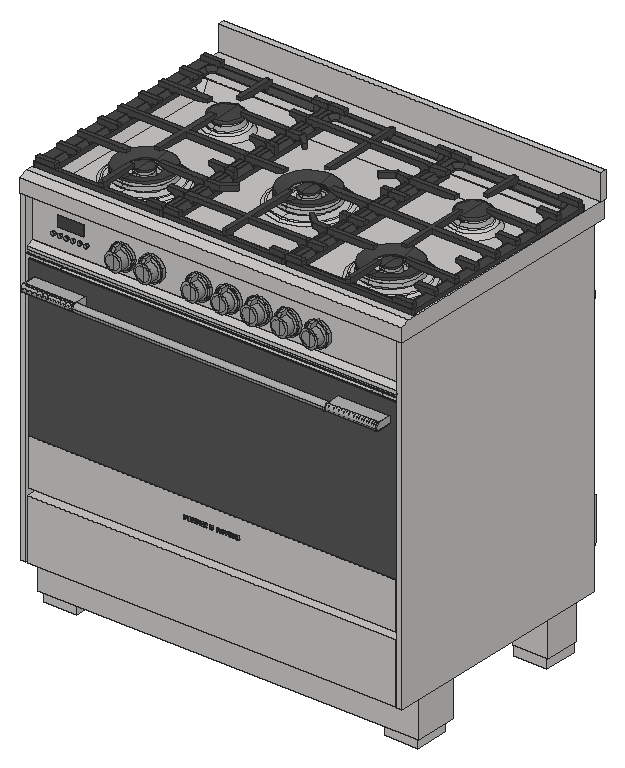
Revit family "FP_Revit_18_OR90SCG1LX1_Range_90001024A", category Specialty Equipment, Revit 2018
Family settings
  Round Connector Dimension = Use Diameter
  Part Type = Normal
  OmniClass Number = 23.40.40.14.17.17
  OmniClass Title = Ranges
  Work Plane-Based = No
  Always vertical = Yes
  Cut with Voids When Loaded = Yes
  Shared = No
  Room Calculation Point = No
Parameters
  Visibility - Toe Kick Panel (Optional) = yes
  Visibility - Rear Trim (Supplied) = yes
  Visibility - Clearance Required = yes
  Visibility - Adjustable Feet Covers = yes
  URL = "www.fisherpaykel.com"
  Product - Width = 897 mm  # constant formula
  Product - Height = 915 mm  # constant formula
  Product - Depth = 641.2 mm  # constant formula
  Optional - Toe Kick Panel = "KICKOR90X1"
  Model = "OR90SCG1LX1"
  Material - Trim = Fisher & Paykel - Steel, Chrome Plated
  Material - Handle = Fisher & Paykel - Aluminium
  Material - Door Front = Fisher & Paykel - Stainless Steel
  Material - Buttons and Dials = Fisher & Paykel - Steel, Chrome Plated
  Material - Burners & Trivets = Fisher & Paykel - Black, Matte
  Material - Body = Fisher & Paykel - Stainless Steel
  Manufacturer = "Fisher & Paykel Appliances"
  Keynote = ""
  Description = "90cm Classic Freestanding Cooker (Stainless)"
  Countertop Height (min 908mm - max 933mm) = 915 mm
  Connector Description - Gas = "NG 1kPa, ULPG 2.75 kPa, Gas Connection to be Rp ½” (ISO 7-1) male"
  Connector Description - Electrical = "220-240 V, 50 Hz, 14 A"
  Clearance - Side Non-Combustible = 0 mm  # constant formula
  Clearance - Side Combustible = 200 mm  # constant formula
  Clearance - Rear Non-Combustible = 0 mm  # constant formula
  Clearance - Rear Combustible = 0 mm  # constant formula
  Clearance - Overhead Rangehood = 650 mm  # constant formula
  Clearance - Overhead Non-Combustible = 450 mm  # constant formula
  Clearance - Overhead Combustible = 650 mm  # constant formula
  Chassis - Width = 897 mm  # constant formula
  Chassis - Height = 813.6 mm  # constant formula
  Chassis - Depth = 593.5 mm  # constant formula
  Cavity - Width = 900 mm  # constant formula
  Cavity - Height = 915 mm  # constant formula
  Cavity - Depth = 600 mm  # constant formula
Reference planes
  plane 1 "Datum": y = 0
  plane 2: z = 0
  plane 3 "Center (Left/Right)": x = 0
  plane 4 "Product Height": z = 923
  plane 5 "Product LHS": x = -448.5
  plane 6 "Product RHS": x = 448.5
  plane 7 "Cavity LHS": x = -450
  plane 8 "Cavity RHS": x = 450
  plane 9 "Product Depth": y = 600
  plane 10 "Cavity Depth": y = 600
  plane 11 "Dials": z = 820.4
  plane 12 "Countertop Height": z = 915
  plane 13 "Top of Burners": z = 957
Forms (mm)
  Extrusion 1, solid, material "Fisher & Paykel - Stainless Steel" <- "Material - Body"
    sketch origin (0, 0, 0) x (0, 1, 0) y (0, 0, 1)
      loop
        line (50.7, 883) -> (50.7, 109.4) -> (565, 109.4) -> (565, 883) -> (50.7, 883)
    from -435.7 to 435.7
  Extrusion 2, solid, material "Fisher & Paykel - Stainless Steel" <- "Material - Body"
    sketch origin (0, 0, 0) x (0, 1, 0) y (0, 0, 1)
      loop
        line (19, 883) -> (19, 782.4) -> (50.7, 782.4) -> (50.7, 883) -> (19, 883)
    from -435.7 to 435.7
  Extrusion 3, solid, material "Fisher & Paykel - Stainless Steel" <- "Material - Body"
    sketch origin (0, 0, 0) x (0, 1, 0) y (0, 0, 1)
      loop
        line (31.59, 250.4) -> (1.5, 250.4) -> (1.5, 109.4) -> (31.59, 109.4) -> (31.59, 250.4)
    from -432 to 432
  Extrusion 4, solid, material "Fisher & Paykel - Clearance Required", visible <- "Visibility - Clearance Required", detail levels coarse
    sketch origin (0, 0, 0) x (0, 1, 0) y (0, 0, 1)
      loop
        line (0, 266.1) -> (0, 747.098)
        arc (0, 747.098) -> (-340.117, 606.217) -> (-480.998, 266.1) r 480.998
        line (-480.998, 266.1) -> (0, 266.1)
    from -435.7 to 435.7
  Extrusion 5, solid, material "Fisher & Paykel - Clearance Required", visible <- "Visibility - Clearance Required", detail levels coarse
    sketch origin (0, 0, 0) x (0, 1, 0) y (0, 0, 1)
      loop
        line (600, 0) -> (600, 923) -> (0, 923) -> (0, 0) -> (600, 0)
    from -450 to 450
  Extrusion 6, solid, material "Fisher & Paykel - Clearance Required (Combustible)", visible <- "Visibility - Clearance Required", detail levels coarse
    sketch origin (0, 0, 0) x (1, 0, 0) y (0, 1, 0)
      loop
        line (-450, 0) -> (-450, 600) -> (-650, 600) -> (-650, 0) -> (-450, 0)
      loop
        line (450, 0) -> (650, 0) -> (650, 600) -> (450, 600) -> (450, 0)
    from 923 to 1407
  Extrusion 7, solid, material "Fisher & Paykel - Clearance Required (Combustible)", visible <- "Visibility - Clearance Required", detail levels coarse
    sketch origin (0, 0, 0) x (1, 0, 0) y (0, 1, 0)
      loop
        line (-450, 0) -> (450, 0) -> (450, 600) -> (-450, 600) -> (-450, 0)
    from 1607 to 1407
  Extrusion 8, solid, material "Fisher & Paykel - Clearance Required (Non-Combustible)", visible <- "Visibility - Clearance Required", detail levels coarse
    sketch origin (0, 0, 0) x (1, 0, 0) y (0, 1, 0)
      loop
        line (450, 600) -> (-450, 600) -> (-450, 0) -> (450, 0) -> (450, 600)
    from 923 to 1407
  Extrusion 9, solid, material "Fisher & Paykel - Stainless Steel" <- "Material - Body"
    sketch origin (0, 0, 0) x (0, 1, 0) y (0, 0, 1)
      loop
        line (0, 883) -> (0, 109.4) -> (565, 109.4) -> (565, 883) -> (0, 883)
    from 435.7 to 447.5
  Extrusion 10, solid, material "Fisher & Paykel - Stainless Steel" <- "Material - Body"
    sketch origin (0, 0, 0) x (0, 1, 0) y (0, 0, 1)
      loop
        line (0, 883) -> (0, 109.4) -> (565, 109.4) -> (565, 883) -> (0, 883)
    from -447.504 to -435.7
  Extrusion 11, solid, material "Fisher & Paykel - Stainless Steel" <- "Material - Body"
    sketch origin (0, 0, 0) x (0, 1, 0) y (0, 0, 1)
      loop
        line (50.7, 782.4) -> (19, 782.4) -> (2, 774.4) -> (2, 767.4) -> (50.7, 767.4) -> (50.7, 782.4)
    from -435.7 to 435.7
  Extrusion 12, solid, material "Fisher & Paykel - Steel, Chrome Plated" <- "Material - Trim", detail levels fine
    sketch origin (0, 0, 0) x (0, 1, 0) y (0, 0, 1)
      loop
        line (1.349, 762.4) -> (1.349, 760.4) -> (50.7, 760.4) -> (50.7, 762.4) -> (1.349, 762.4)
    from -435.7 to 435.7
  Extrusion 13, solid, material "Fisher & Paykel - Stainless Steel" <- "Material - Body"
    sketch origin (0, 0, 0) x (0, 1, 0) y (0, 0, 1)
      loop
        line (-1.5, 914.915) -> (-1.5, 883) -> (593.5, 883) -> (593.5, 923) -> (18.511, 923) -> (-1.5, 914.915)
    from -448.5 to 448.5
  Extrusion 14, solid, material "Fisher & Paykel - Stainless Steel" <- "Material - Body", visible <- "Visibility - Adjustable Feet Covers"
    sketch origin (0, 0, 0) x (1, 0, 0) y (0, 1, 0)
      loop
        line (-360.4, 137.7) -> (-442.5, 137.7) -> (-442.5, 55.7) -> (-360.4, 55.7) -> (-360.4, 137.7)
      loop
        line (-360.4, 516.7) -> (-442.482, 516.7) -> (-442.482, 434.7) -> (-360.4, 434.7) -> (-360.4, 516.7)
      loop
        line (360.4, 137.7) -> (360.4, 55.7) -> (442.5, 55.7) -> (442.5, 137.7) -> (360.4, 137.7)
      loop
        line (360.4, 516.7) -> (360.4, 434.7) -> (442.482, 434.7) -> (442.482, 516.7) -> (360.4, 516.7)
    from 23.7 to 109.4
  Extrusion 15, solid, material "Fisher & Paykel - Stainless Steel" <- "Material - Body", visible <- "Visibility - Adjustable Feet Covers"
    sketch origin (0, 0, 0) x (1, 0, 0) y (0, 1, 0)
      loop
        line (-362.4, 514.7) -> (-440.5, 514.7) -> (-440.5, 436.7) -> (-362.4, 436.7) -> (-362.4, 514.7)
      loop
        line (-362.4, 135.7) -> (-440.5, 135.7) -> (-440.5, 57.7) -> (-362.4, 57.7) -> (-362.4, 135.7)
      loop
        line (362.4, 514.7) -> (362.4, 436.7) -> (440.5, 436.7) -> (440.5, 514.7) -> (362.4, 514.7)
      loop
        line (362.4, 135.7) -> (362.4, 57.7) -> (440.5, 57.7) -> (440.5, 135.7) -> (362.4, 135.7)
    from 0 to 23.7
  Extrusion 16, solid, material "Fisher & Paykel - Stainless Steel" <- "Material - Body", visible <- "Visibility - Toe Kick Panel (Optional)"
    sketch origin (0, 0, 0) x (1, 0, 0) y (0, 1, 0)
      loop
        line (-442.5, 151.534) -> (-447.504, 151.534) -> (-447.504, 50.7) -> (447.35, 50.7) -> (447.35, 151.534) -> (442.5, 151.534) -> (442.5, 55.7) -> (-442.5, 55.7) -> (-442.5, 151.534)
    from 23.7 to 109.4
  Extrusion 17, solid, material "Fisher & Paykel - Stainless Steel" <- "Material - Door Front"
    sketch origin (0, 0, 0) x (0, 1, 0) y (0, 0, 1)
      loop
        line (7.845, 745.371) -> (7.845, 273.1) -> (43.8, 273.1) -> (43.8, 741.592) -> (7.845, 745.371)
    from -365 to 365
  Extrusion 18, void
    sketch origin (0, 0, 0) x (1, 0, 0) y (0, 1, 0)
      loop
        arc (-402.8, 492.791) -> (-416.942, 486.933) -> (-422.8, 472.791) r 20
        line (-422.8, 472.791) -> (-422.8, 66.2)
        arc (-422.8, 66.2) -> (-415.478, 48.522) -> (-397.8, 41.2) r 25
        line (-397.8, 41.2) -> (397.8, 41.2)
        arc (397.8, 41.2) -> (415.478, 48.522) -> (422.8, 66.2) r 25
        line (422.8, 66.2) -> (422.8, 466.59)
        arc (422.8, 466.59) -> (415.126, 485.117) -> (396.6, 492.791) r 26.2
        line (396.6, 492.791) -> (-402.8, 492.791)
    from 883 to 923
  Extrusion 19, solid, material "Fisher & Paykel - Stainless Steel" <- "Material - Body", not visible
    sketch origin (0, 0, 0) x (0, 1, 0) y (0, 0, 1)
      loop
        line (584, 983) -> (584, 923) -> (598.5, 923) -> (598.5, 983) -> (584, 983)
    from -448.5 to 448.5
  Revolve 20, solid, material "Fisher & Paykel - Stainless Steel" <- "Material - Body", detail levels fine
    sketch origin (-290.104, 3.75, 0) x (0, 1, 0) y (0, 0, 1)
      loop
        line (163, 893) -> (163, 897) -> (84.905, 897)
        arc (84.905, 897) -> (83.174, 896.81) -> (81.524, 896.25) r 8
        line (81.524, 896.25) -> (74.554, 893) -> (163, 893)
      axis (163, 893) -> (163, 897)
    angle from 0 to 360
  Revolve 21, solid, material "Fisher & Paykel - Stainless Steel" <- "Material - Body", detail levels fine
    sketch origin (-290.104, -6.25, 0) x (0, 1, 0) y (0, 0, 1)
      loop
        line (414.1, 907.049) -> (372.389, 907.049)
        arc (372.389, 907.049) -> (368.674, 906.135) -> (365.808, 903.599) r 8
        line (365.808, 903.599) -> (358.481, 893) -> (414.1, 893) -> (414.1, 907.049)
      axis (414.1, 893) -> (414.1, 907.049)
    angle from 0 to 360
  Extrusion 22, void
    sketch origin (0, 0, 0) x (1, 0, 0) y (0, 0, 1)
      loop
        line (351.8, 237) -> (-428.7, 237) -> (-428.7, 109.4) -> (428.7, 109.4) -> (428.7, 883) -> (351.8, 883) -> (351.8, 237)
    from -609.888 to -519.5
  Extrusion 23, solid, material "Fisher & Paykel - Stainless Steel" <- "Material - Body", detail levels medium+fine
    sketch origin (0, 0, 0) x (1, 0, 0) y (0, 1, 0)
      loop
        circle (-370, 550.5) r 6
    from 137 to 237
  Extrusion 24, solid, material "Fisher & Paykel - Stainless Steel" <- "Material - Body"
    sketch origin (0, 0, 0) x (1, 0, 0) y (0, 0, 1)
      loop
        circle (-420.064, 912.06) r 4.009
      loop
        circle (-420.064, 912.06) r 7.491
      loop
        circle (420.064, 912.06) r 4.009
      loop
        circle (420.064, 912.06) r 7.491
    from -593.5 to -598.5
  Extrusion 25, solid, material "Fisher & Paykel - Stainless Steel" <- "Material - Body"
    sketch origin (0, 0, 0) x (1, 0, 0) y (0, 0, 1)
      loop
        line (-308.2, 367) -> (-428.7, 367) -> (-428.7, 237) -> (-308.2, 237) -> (-308.2, 367)
    from -587.5 to -565
  Extrusion 26, solid, material "Fisher & Paykel - Stainless Steel" <- "Material - Body"
    sketch origin (0, 0, 1000) x (1, 0, 0) y (0, 0, 1)
      loop
        line (227.779, -394.6) -> (-310.779, -394.6)
        arc (-310.779, -394.6) -> (-380.07, -440.899) -> (-363.812, -522.633) r 75
        line (-363.812, -522.633) -> (-237.954, -648.491)
        arc (-237.954, -648.491) -> (-220.111, -660.413) -> (-199.064, -664.6) r 55
        line (-199.064, -664.6) -> (116.064, -664.6)
        arc (116.064, -664.6) -> (137.111, -660.413) -> (154.954, -648.491) r 55
        line (154.954, -648.491) -> (280.812, -522.633)
        arc (280.812, -522.633) -> (297.07, -440.899) -> (227.779, -394.6) r 75
    from -578.5 to -565
  Revolve 27, solid, material "Fisher & Paykel - Stainless Steel" <- "Material - Body", detail levels fine
    sketch origin (290.104, 3.75, 0) x (0, 1, 0) y (0, 0, -1)
      loop
        line (163, -893) -> (74.554, -893) -> (81.524, -896.25)
        arc (81.524, -896.25) -> (83.174, -896.81) -> (84.905, -897) r 8
        line (84.905, -897) -> (163, -897) -> (163, -893)
      axis (163, -893) -> (163, -897)
    angle from 0 to 360
  Revolve 28, solid, material "Fisher & Paykel - Stainless Steel" <- "Material - Body", detail levels fine
    sketch origin (290.104, -6.25, 0) x (0, 1, 0) y (0, 0, -1)
      loop
        line (414.1, -907.049) -> (414.1, -893) -> (358.481, -893) -> (365.808, -903.599)
        arc (365.808, -903.599) -> (368.674, -906.135) -> (372.389, -907.049) r 8
        line (372.389, -907.049) -> (414.1, -907.049)
      axis (414.1, -893) -> (414.1, -907.049)
    angle from 0 to 360
  Revolve 29, solid, material "Fisher & Paykel - Stainless Steel" <- "Material - Body", detail levels fine
    sketch origin (0, 123.75, 0) x (0, 1, 0) y (0, 0, 1)
      loop
        line (163, 893) -> (163, 897) -> (84.905, 897)
        arc (84.905, 897) -> (83.174, 896.81) -> (81.524, 896.25) r 8
        line (81.524, 896.25) -> (74.554, 893) -> (163, 893)
      axis (163, 893) -> (163, 897)
    angle from 0 to 360
  Extrusion 30, solid, material "Fisher & Paykel - Stainless Steel" <- "Material - Body", detail levels medium+fine
    sketch origin (0, 0, 0) x (1, 0, 0) y (0, 0, 1)
      loop
        arc (159.044, 220.6) -> (155.509, 219.136) -> (154.044, 215.6) r 5
        line (154.044, 215.6) -> (154.044, 165.6)
        arc (154.044, 165.6) -> (155.509, 162.064) -> (159.044, 160.6) r 5
        line (159.044, 160.6) -> (208.84, 160.6)
        arc (208.84, 160.6) -> (212.375, 162.064) -> (213.84, 165.6) r 5
        line (213.84, 165.6) -> (213.84, 215.6)
        arc (213.84, 215.6) -> (212.375, 219.136) -> (208.84, 220.6) r 5
        line (208.84, 220.6) -> (159.044, 220.6)
    from -556.873 to -549.515
  Revolve 31, solid, material "Fisher & Paykel - Stainless Steel" <- "Material - Body", detail levels medium+fine
    sketch origin (0, 569.5, 0) x (1, 0, 0) y (0, 0, 1)
      loop
        line (145.68, 191.077) -> (245, 191.077) -> (245, 204.6) -> (232, 204.6) -> (232, 201.081) -> (222, 201.081) -> (222, 208.65) -> (210, 208.65) -> (210, 201.85) -> (157.68, 201.85) -> (157.68, 208.65) -> (145.68, 208.65) -> (145.68, 191.077)
      axis (145.68, 191.077) -> (245, 191.077)
    angle from 0 to 360
  Extrusion 32, solid, material "Fisher & Paykel - Stainless Steel" <- "Material - Body", detail levels medium+fine
    sketch origin (0, 0, 1000) x (1, 0, 0) y (0, 0, 1)
      loop
        circle (183.596, -809.4) r 26.954
    from -565.952 to -556.873
  Extrusion 33, solid, material "Fisher & Paykel - Stainless Steel" <- "Material - Body"
    sketch origin (0, 0, 0) x (1, 0, 0) y (0, 0, 1)
      loop
        circle (395, 716.093) r 34.119
    from -590 to -570.221
  Extrusion 34, solid, material "Fisher & Paykel - Stainless Steel" <- "Material - Body"
    sketch origin (0, 0, 0) x (1, 0, 0) y (0, 0, 1)
      loop
        circle (395, 716.093) r 10
    from -598 to -590
  Revolve 35, solid, material "Fisher & Paykel - Stainless Steel" <- "Material - Body", detail levels medium+fine
    sketch origin (0, 569.346, 0) x (1, 0, 0) y (0, 0, 1)
      loop
        line (395, 758.6) -> (395, 673.6) -> (413.153, 673.6) -> (413.153, 693.6) -> (406.654, 693.6) -> (406.654, 738.6) -> (413.153, 738.6) -> (413.153, 758.6) -> (395, 758.6)
      axis (395, 758.6) -> (395, 673.6)
    angle from 0 to 360
  Sweep 36, solid, material "Fisher & Paykel - Stainless Steel" <- "Material - Body"
    path origin (395, 0, 0) x (0, 1, 0) y (0, 0, 1)
      loop
        line (569.499, 218.575) -> (569.499, 839.583)
        arc (569.499, 839.583) -> (562.465, 856.566) -> (545.482, 863.6) r 24.017
        line (545.482, 863.6) -> (519.5, 863.6)
    profile origin (395, 532.491, 863.6) x (0, 0, -1) y (1, 0, 0)
      loop
        circle (0, 0) r 8
  Sweep 37, solid, material "Fisher & Paykel - Stainless Steel" <- "Material - Body", detail levels medium+fine
    path origin (0, 569.5, 0) x (1, 0, 0) y (0, 0, 1)
      loop
        line (245, 191.077) -> (367.503, 191.077)
        arc (367.503, 191.077) -> (386.946, 199.131) -> (395, 218.575) r 27.497
    profile origin (306.252, 569.5, 191.077) x (0, 0, 1) y (0, -1, 0)
      loop
        circle (0, 0) r 8
  Sweep 38, solid, material "Fisher & Paykel - Stainless Steel" <- "Material - Body", detail levels medium+fine
    path in 3D
      loop
        arc (396.6, 492.791, 923) -> (415.126, 485.117, 923) -> (422.8, 466.59, 923) r 26.2
        line (422.8, 466.59, 923) -> (422.8, 66.2, 923)
        arc (422.8, 66.2, 923) -> (415.478, 48.522, 923) -> (397.8, 41.2, 923) r 25
        line (397.8, 41.2, 923) -> (-397.8, 41.2, 923)
        arc (-397.8, 41.2, 923) -> (-415.478, 48.522, 923) -> (-422.8, 66.2, 923) r 25
        line (-422.8, 66.2, 923) -> (-422.8, 472.791, 923)
        arc (-422.8, 472.791, 923) -> (-416.942, 486.933, 923) -> (-402.8, 492.791, 923) r 20
        line (-402.8, 492.791, 923) -> (396.6, 492.791, 923)
    profile origin (-3.1, 492.791, 923) x (0, 1, 0) y (0, 0, 1)
      loop
        line (0, 0) -> (-17.321, -30) -> (0, -30) -> (0, 0)
  Extrusion 39, solid, material "Fisher & Paykel - Stainless Steel" <- "Material - Body"
    sketch origin (0, 0, 0) x (1, 0, 0) y (0, 1, 0)
      loop
        circle (-401.482, 475.7) r 25
      loop
        circle (-401.5, 96.7) r 25
      loop
        circle (401.482, 475.7) r 25
      loop
        circle (401.5, 96.7) r 25
    from 0 to 109.4
  Extrusion 40, solid, material "Fisher & Paykel - Stainless Steel" <- "Material - Door Front"
    sketch origin (0, 0, 0) x (0, 1, 0) y (0, 0, 1)
      loop
        line (2.8, 265.5) -> (3.8, 265.5) -> (3.8, 376.471) -> (2.8, 376.471) -> (2.8, 265.5)
    from -432 to 432
  Extrusion 41, solid, material "Fisher & Paykel - Stainless Steel" <- "Material - Body", visible <- "Visibility - Rear Trim (Supplied)"
    sketch origin (0, 0, 0) x (0, 1, 0) y (0, 0, 1)
      loop
        line (584, 983) -> (584, 923) -> (598.5, 923) -> (598.5, 983) -> (584, 983)
    from -448.5 to 448.5
  Extrusion 42, solid, material "Fisher & Paykel - Glass, Black"
    sketch origin (0, 0, 0) x (0, 1, 0) y (0, 0, 1)
      loop
        line (3.8, 747.7) -> (3.8, 265.5) -> (7.845, 265.5) -> (7.845, 747.7) -> (3.8, 747.7)
    from -432 to 432
  Extrusion 43, void
    sketch origin (0, 0, 0) x (0, 1, 0) y (0, 0, 1)
      loop
        line (600, 0) -> (600, 923) -> (-39.5, 923) -> (-39.5, 0) -> (600, 0)
    from -450 to 450
  Extrusion 44, solid, material "Fisher & Paykel - Black", detail levels fine
    sketch origin (0, 0, 0) x (1, 0, 0) y (0, 0, 1)
      loop
        line (-374.803, 853.532) -> (-374.803, 828.532) -> (-314.803, 828.532) -> (-314.803, 853.532) -> (-374.803, 853.532)
    from -19 to -18.02
  Extrusion 45, solid, material "Fisher & Paykel - Steel, Chrome Plated" <- "Material - Buttons and Dials", detail levels fine
    sketch origin (0, 0, 0) x (1, 0, 0) y (0, 0, 1)
      loop
        circle (-383.498, 813.532) r 4.062
      loop
        circle (-368.02, 813.532) r 4.062
      loop
        circle (-352.542, 813.532) r 4.062
      loop
        circle (-337.064, 813.532) r 4.062
      loop
        circle (-321.586, 813.532) r 4.062
      loop
        circle (-306.109, 813.532) r 4.062
    from -17 to -14
  Revolve 46, solid, material "Fisher & Paykel - Stainless Steel" <- "Material - Body", not visible, detail levels fine
    sketch origin (-290.104, 2003.75, 0) x (0, 1, 0) y (0, 0, 1)
      loop
        line (163, 893) -> (163, 897) -> (84.905, 897)
        arc (84.905, 897) -> (83.174, 896.81) -> (81.524, 896.25) r 8
        line (81.524, 896.25) -> (74.554, 893) -> (163, 893)
      axis (163, 893) -> (163, 897)
    angle from 0 to 360
  Revolve 47, solid, material "Fisher & Paykel - Stainless Steel" <- "Material - Body", not visible, detail levels fine
    sketch origin (-290.104, 1993.75, 0) x (0, 1, 0) y (0, 0, 1)
      loop
        line (414.1, 907.049) -> (372.389, 907.049)
        arc (372.389, 907.049) -> (368.674, 906.135) -> (365.808, 903.599) r 8
        line (365.808, 903.599) -> (358.481, 893) -> (414.1, 893) -> (414.1, 907.049)
      axis (414.1, 893) -> (414.1, 907.049)
    angle from 0 to 360
  Revolve 48, solid, material "Fisher & Paykel - Stainless Steel" <- "Material - Body", not visible, detail levels fine
    sketch origin (290.104, 2003.75, 0) x (0, 1, 0) y (0, 0, -1)
      loop
        line (163, -893) -> (74.554, -893) -> (81.524, -896.25)
        arc (81.524, -896.25) -> (83.174, -896.81) -> (84.905, -897) r 8
        line (84.905, -897) -> (163, -897) -> (163, -893)
      axis (163, -893) -> (163, -897)
    angle from 0 to 360
  Revolve 49, solid, material "Fisher & Paykel - Stainless Steel" <- "Material - Body", not visible, detail levels fine
    sketch origin (290.104, 1993.75, 0) x (0, 1, 0) y (0, 0, -1)
      loop
        line (414.1, -907.049) -> (414.1, -893) -> (358.481, -893) -> (365.808, -903.599)
        arc (365.808, -903.599) -> (368.674, -906.135) -> (372.389, -907.049) r 8
        line (372.389, -907.049) -> (414.1, -907.049)
      axis (414.1, -893) -> (414.1, -907.049)
    angle from 0 to 360
  Revolve 50, solid, material "Fisher & Paykel - Stainless Steel" <- "Material - Body", not visible, detail levels fine
    sketch origin (0, 2123.75, 0) x (0, 1, 0) y (0, 0, 1)
      loop
        line (163, 893) -> (163, 897) -> (84.905, 897)
        arc (84.905, 897) -> (83.174, 896.81) -> (81.524, 896.25) r 8
        line (81.524, 896.25) -> (74.554, 893) -> (163, 893)
      axis (163, 893) -> (163, 897)
    angle from 0 to 360
Cuts and joins
  Extrusion 18, Extrusion 22 cuts Extrusion 1
  Extrusion 18 cuts Extrusion 5
  Extrusion 18 cuts Extrusion 14
  Extrusion 18 cuts Extrusion 15
  Extrusion 18 cuts Extrusion 16
  Extrusion 18 cuts Extrusion 13
Lines and regions (mm)
  sketch lines
    curve 1: line (-402.8, 492.791, 923) -> (396.6, 492.791, 923)
    curve 2: arc (-402.8, 492.791, 923) -> (-416.942, 486.933, 923) -> (-422.8, 472.791, 923) r 20
    curve 3: line (-422.8, 66.2, 923) -> (-422.8, 472.791, 923)
    curve 4: arc (-422.8, 66.2, 923) -> (-415.478, 48.522, 923) -> (-397.8, 41.2, 923) r 25
    curve 5: line (397.8, 41.2, 923) -> (-397.8, 41.2, 923)
    curve 6: arc (397.8, 41.2, 923) -> (415.478, 48.522, 923) -> (422.8, 66.2, 923) r 25
    curve 7: line (422.8, 466.59, 923) -> (422.8, 66.2, 923)
    curve 8: arc (422.8, 466.59, 923) -> (415.126, 485.117, 923) -> (396.6, 492.791, 923) r 26.2
Text (mm)
  text "Due to ongoing product development, product details are subject to change without notice. \nPlease always refer to www.fisherpaykel.com for the most current product information. \n© Fisher & Paykel 2020" at (41.04, -544.815, 0), in view "Ref. Level (Plan)"
Dimensions and locks
  equal spacing: plane 5 "Product LHS", plane 3 "Center (Left/Right)", plane 6 "Product RHS"
  "Product - Width": plane 5 "Product LHS" to plane 6 "Product RHS"
  equal spacing: plane 7 "Cavity LHS", plane 3 "Center (Left/Right)", plane 8 "Cavity RHS"
  "Cavity - Width": plane 7 "Cavity LHS" to plane 8 "Cavity RHS"
  locked: plane 4 "Product Height" to nested 1 at 592.51
  "Clearance - Side Combustible": Extrusion 6 sketch curve to Extrusion 5
  "Clearance - Side Combustible": Extrusion 5 to Extrusion 6 sketch curve
  Extrusion 6 to plane 4 "Product Height" = 484 mm
  Extrusion 7 to plane 4 "Product Height" = 484 mm
  Extrusion 8 to plane 4 "Product Height" = 484 mm
  "Clearance - Side Combustible": Extrusion 8 to Extrusion 6
  "Clearance - Side Combustible": Extrusion 6 to Extrusion 8
  locked: plane 4 "Product Height" to Extrusion 9 at 40
  plane 5 "Product LHS" to Extrusion 14 sketch curve = 88.1 mm
  locked: plane 4 "Product Height" to Extrusion 9 at 813.6  (x2)
  equal spacing: cut or joined group of Extrusion 13, Extrusion 18, plane 3 "Center (Left/Right)", cut or joined group of Extrusion 13, Extrusion 18
  locked: Extrusion 6 to plane 11 "Dials" at 102.6
  Extrusion 6 to nested 2 = 18.8 mm
  plane 4 "Product Height" to Extrusion 12 = 160.6 mm
  locked: plane 4 "Product Height" to plane 11 "Dials" at 102.6
  locked: Extrusion 17 to plane 4 "Product Height" at 649.9
  cut or joined group of Extrusion 1, Extrusion 18, Extrusion 22 to plane 11 "Dials" = 711 mm
  cut or joined group of Extrusion 1, Extrusion 18, Extrusion 22 to cut or joined group of Extrusion 1, Extrusion 18, Extrusion 22 = 127.6 mm
  locked: plane 4 "Product Height" to nested 2 at 22.879
  locked: plane 4 "Product Height" to nested 3 at 13
  locked: cut or joined group of Extrusion 16, Extrusion 18 to Extrusion 9 at 85.7
  locked: cut or joined group of Extrusion 14, Extrusion 18 to Extrusion 9 at 85.7
  locked: cut or joined group of Extrusion 1, Extrusion 18, Extrusion 22 to Extrusion 9 at 127.6
  locked: Revolve 35 to plane 4 "Product Height" at 249.4
  locked: plane 4 "Product Height" to Sweep 38 at 30  (x2)
  locked: plane 4 "Product Height" to Extrusion 11 at 155.6
  Extrusion 3 sketch curve to Extrusion 3 sketch curve = 141 mm
  locked: Extrusion 25 to plane 4 "Product Height" at 556
  locked: Extrusion 23 to cut or joined group of Extrusion 1, Extrusion 18, Extrusion 22 at 100
  locked: Sweep 36 sketch curve to Extrusion 6 at 704.425
  locked: cut or joined group of Extrusion 14, Extrusion 18 to Extrusion 10 at 85.7
  locked: Extrusion 26 sketch curve to plane 4 "Product Height" at 317.6
  locked: cut or joined group of Extrusion 1, Extrusion 18, Extrusion 22 to plane 4 "Product Height" at 686
  locked: Revolve 31 sketch curve to plane 4 "Product Height" at 731.923
  locked: Extrusion 30 sketch curve to Extrusion 30 sketch curve at 60
  locked: Extrusion 30 sketch curve to plane 4 "Product Height" at 762.4
  locked: Extrusion 32 sketch curve to plane 4 "Product Height" at 732.4
  locked: Extrusion 6 to cut or joined group of Extrusion 14, Extrusion 18 at 813.6
  locked: Extrusion 23 to Extrusion 9 at 127.6
  locked: plane 4 "Product Height" to Extrusion 4 at 656.9
  locked: plane 12 "Countertop Height" to plane 4 "Product Height" at 8
  locked: Sweep 38 to plane 4 "Product Height" at 30
  "Countertop Height (min 908mm - max 933mm)": level to plane 12 "Countertop Height"
  locked: plane 4 "Product Height" to cut or joined group of Extrusion 5, Extrusion 18 at 40
  locked: Extrusion 30 to plane 4 "Product Height" at 702.4
  locked: Sweep 37 sketch curve to Sweep 36 at 27.497
  locked: Extrusion 3 to plane 4 "Product Height" at 813.6
  locked: plane 4 "Product Height" to Extrusion 3 at 672.6
  locked: plane 4 "Product Height" to Extrusion 40 at 546.529
  locked: plane 13 "Top of Burners" to plane 4 "Product Height" at 34
  "Clearance - Overhead Non-Combustible": Extrusion 6 to plane 13 "Top of Burners"
  "Clearance - Overhead Combustible": Extrusion 7 to plane 13 "Top of Burners"
  locked: plane 4 "Product Height" to nested 18 at 740.6
  locked: plane 4 "Product Height" to Extrusion 42 at 175.3
  locked: Extrusion 42 to plane 4 "Product Height" at 657.5
  locked: nested 15 to plane 4 "Product Height" at 22.3
  "Cavity - Depth": plane 1 "Datum" to plane 10 "Cavity Depth"
  "Chassis - Depth": cut or joined group of Extrusion 13, Extrusion 18 to Extrusion 6
  aligned and locked: level to plane 2
  aligned and locked: Extrusion 5 sketch curve to plane 4 "Product Height"
  aligned and locked: Extrusion 5 to plane 8 "Cavity RHS"
  aligned and locked: Extrusion 5 to plane 7 "Cavity LHS"
  aligned and locked: Extrusion 6 sketch curve to plane 8 "Cavity RHS"
  aligned and locked: Extrusion 6 sketch curve to plane 7 "Cavity LHS"
  aligned and locked: Extrusion 5 to Extrusion 7 sketch curve
  aligned and locked: Extrusion 8 sketch curve to Extrusion 5
  aligned and locked: Extrusion 5 to Extrusion 8 sketch curve
  aligned and locked: cut or joined group of Extrusion 1, Extrusion 18, Extrusion 22 to Extrusion 2  (x2)
  aligned and locked: Extrusion 9 sketch curve to plane 1 "Datum"
  aligned and locked: Extrusion 2 to Extrusion 11
  aligned and locked: Extrusion 2 to Extrusion 12
  aligned and locked: Extrusion 11 to Extrusion 2
  aligned and locked: Extrusion 12 to Extrusion 2
  aligned and locked: Extrusion 15 to level
  aligned and locked: Extrusion 15 to Extrusion 14
  aligned and locked: Extrusion 16 sketch curve to Extrusion 14
  aligned and locked: Extrusion 16 sketch curve to Extrusion 2
  aligned and locked: plane 4 "Product Height" to Extrusion 18
  aligned and locked: Extrusion 19 to plane 6 "Product RHS"
  aligned and locked: plane 5 "Product LHS" to Extrusion 19
  aligned and locked: Extrusion 16 to cut or joined group of Extrusion 14, Extrusion 18
  aligned and locked: plane 10 "Cavity Depth" to Extrusion 7
  aligned and locked: Extrusion 6 sketch curve to plane 10 "Cavity Depth"
  aligned and locked: Extrusion 13 to plane 5 "Product LHS"
  aligned and locked: Extrusion 13 to plane 6 "Product RHS"
  aligned and locked: Extrusion 10 to cut or joined group of Extrusion 1, Extrusion 18, Extrusion 22
  aligned and locked: Extrusion 39 to cut or joined group of Extrusion 1, Extrusion 18, Extrusion 22
  aligned and locked: Extrusion 8 to plane 4 "Product Height"
  aligned and locked: Extrusion 7 to Extrusion 8
  aligned and locked: Sweep 37 sketch curve to Sweep 36
  aligned and locked: Extrusion 16 to cut or joined group of Extrusion 1, Extrusion 18, Extrusion 22
  aligned and locked: Extrusion 41 to plane 6 "Product RHS"
  aligned and locked: Extrusion 1 to Extrusion 22
Automatic sketch dimensions
  Revolve 20 sketch curve to Revolve 20 sketch curve = 6.971 mm
  Revolve 20 sketch curve to Revolve 20 sketch curve = 3.381 mm
  Revolve 20 sketch curve to Revolve 20 sketch curve = 78.095 mm
  Revolve 20 sketch curve to Revolve 20 sketch curve = 7.25 mm
  Revolve 20 sketch curve to Revolve 20 sketch curve = 0 mm  (x2)
  Revolve 21 sketch curve to Revolve 21 sketch curve = 7.328 mm
  Revolve 21 sketch curve to Revolve 21 sketch curve = 6.58 mm
  Revolve 21 sketch curve to Revolve 21 sketch curve = 41.711 mm
  Revolve 21 sketch curve to Revolve 21 sketch curve = 0 mm
  Revolve 21 sketch curve to Revolve 21 sketch curve = 3.451 mm
  Revolve 27 sketch curve to Revolve 27 sketch curve = 6.971 mm
  Revolve 27 sketch curve to Revolve 27 sketch curve = 3.381 mm
  Revolve 27 sketch curve to Revolve 27 sketch curve = 78.095 mm
  Revolve 27 sketch curve to Revolve 27 sketch curve = 4 mm
  Revolve 27 sketch curve to Revolve 27 sketch curve = 0 mm  (x2)
  Revolve 28 sketch curve to Revolve 28 sketch curve = 7.328 mm
  Revolve 28 sketch curve to Revolve 28 sketch curve = 6.58 mm
  Revolve 28 sketch curve to Revolve 28 sketch curve = 41.711 mm
  Revolve 28 sketch curve to Revolve 28 sketch curve = 0 mm
  Revolve 28 sketch curve to Revolve 28 sketch curve = 3.451 mm  (x2)
  Revolve 29 sketch curve to Revolve 29 sketch curve = 6.971 mm
  Revolve 29 sketch curve to Revolve 29 sketch curve = 3.381 mm
  Revolve 29 sketch curve to Revolve 29 sketch curve = 78.095 mm
  Revolve 29 sketch curve to Revolve 29 sketch curve = 7.25 mm
  Revolve 29 sketch curve to Revolve 29 sketch curve = 0 mm  (x2)
  Revolve 20 sketch curve to Revolve 20 sketch curve = 3.25 mm
  Revolve 20 sketch curve to Revolve 20 sketch curve = 11 mm
  Revolve 21 sketch curve to Revolve 21 sketch curve = 6.05 mm
  Revolve 21 sketch curve to Revolve 21 sketch curve = 4.549 mm
  Revolve 21 sketch curve to Revolve 21 sketch curve = 26.143 mm
  Revolve 27 sketch curve to Revolve 27 sketch curve = 0.75 mm
  Revolve 27 sketch curve to Revolve 27 sketch curve = 11 mm
  Revolve 28 sketch curve to Revolve 28 sketch curve = 14.05 mm
  Revolve 28 sketch curve to Revolve 28 sketch curve = 26.143 mm
  Revolve 29 sketch curve to Revolve 29 sketch curve = 3.25 mm
  Revolve 29 sketch curve to Revolve 29 sketch curve = 11 mm
  Extrusion 1 sketch curve to plane 1 "Datum" = 50.7 mm
  plane 9 "Product Depth" to Extrusion 1 sketch curve = 35 mm
  level to Extrusion 1 sketch curve = 109.4 mm
  plane 12 "Countertop Height" to Extrusion 1 sketch curve = 32 mm
  Extrusion 2 sketch curve to plane 1 "Datum" = 19 mm
  Extrusion 2 sketch curve to Extrusion 2 sketch curve = 31.7 mm
  plane 11 "Dials" to Extrusion 2 sketch curve = 38 mm
  plane 12 "Countertop Height" to Extrusion 2 sketch curve = 32 mm
  Extrusion 3 sketch curve to plane 1 "Datum" = 1.5 mm
  Extrusion 3 sketch curve to Extrusion 3 sketch curve = 30.09 mm
  level to Extrusion 3 sketch curve = 109.4 mm
  Extrusion 4 sketch curve to plane 1 "Datum" = 0 mm
  Extrusion 4 sketch curve to Extrusion 4 sketch curve = 480.998 mm
  level to Extrusion 4 sketch curve = 266.1 mm
  Extrusion 5 sketch curve to level = 0 mm
  Extrusion 5 sketch curve to plane 1 "Datum" = 0 mm
  Extrusion 5 sketch curve to plane 9 "Product Depth" = 0 mm
  Extrusion 7 sketch curve to plane 8 "Cavity RHS" = 0 mm
  plane 1 "Datum" to Extrusion 7 sketch curve = 0 mm
  plane 9 "Product Depth" to Extrusion 7 sketch curve = 0 mm
  Extrusion 8 sketch curve to plane 7 "Cavity LHS" = 0 mm
  plane 1 "Datum" to Extrusion 8 sketch curve = 0 mm
  plane 9 "Product Depth" to Extrusion 9 sketch curve = 35 mm
  level to Extrusion 9 sketch curve = 109.4 mm
  plane 12 "Countertop Height" to Extrusion 9 sketch curve = 32 mm
  Extrusion 10 sketch curve to plane 1 "Datum" = 0 mm
  plane 9 "Product Depth" to Extrusion 10 sketch curve = 35 mm
  level to Extrusion 10 sketch curve = 109.4 mm
  plane 12 "Countertop Height" to Extrusion 10 sketch curve = 32 mm
  Extrusion 11 sketch curve to plane 1 "Datum" = 2 mm
  Extrusion 11 sketch curve to Extrusion 11 sketch curve = 17 mm
  Extrusion 11 sketch curve to Extrusion 11 sketch curve = 31.7 mm
  plane 11 "Dials" to Extrusion 11 sketch curve = 53 mm
  Extrusion 11 sketch curve to Extrusion 11 sketch curve = 7 mm
  Extrusion 11 sketch curve to Extrusion 11 sketch curve = 15 mm
  Extrusion 12 sketch curve to plane 1 "Datum" = 1.349 mm
  Extrusion 12 sketch curve to Extrusion 12 sketch curve = 49.351 mm
  plane 11 "Dials" to Extrusion 12 sketch curve = 60 mm
  Extrusion 12 sketch curve to Extrusion 12 sketch curve = 2 mm
  Extrusion 13 sketch curve to plane 4 "Product Height" = 0 mm
  plane 1 "Datum" to Extrusion 13 sketch curve = 1.5 mm
  Extrusion 13 sketch curve to plane 1 "Datum" = 18.511 mm
  plane 9 "Product Depth" to Extrusion 13 sketch curve = 6.5 mm
  plane 12 "Countertop Height" to Extrusion 13 sketch curve = 0.085 mm
  plane 12 "Countertop Height" to Extrusion 13 sketch curve = 32 mm
  Extrusion 14 sketch curve to plane 5 "Product LHS" = 6.018 mm
  Extrusion 14 sketch curve to plane 5 "Product LHS" = 6 mm
  Extrusion 14 sketch curve to Extrusion 14 sketch curve = 82.081 mm
  plane 6 "Product RHS" to Extrusion 14 sketch curve = 88.1 mm  (x2)
  plane 6 "Product RHS" to Extrusion 14 sketch curve = 6.018 mm
  plane 6 "Product RHS" to Extrusion 14 sketch curve = 6 mm
  Extrusion 14 sketch curve to plane 1 "Datum" = 55.7 mm  (x2)
  Extrusion 14 sketch curve to Extrusion 14 sketch curve = 82 mm  (x4)
  plane 9 "Product Depth" to Extrusion 14 sketch curve = 165.3 mm  (x2)
  Extrusion 15 sketch curve to plane 5 "Product LHS" = 8 mm  (x2)
  Extrusion 15 sketch curve to Extrusion 15 sketch curve = 78.1 mm  (x2)
  plane 6 "Product RHS" to Extrusion 15 sketch curve = 86.1 mm  (x2)
  plane 6 "Product RHS" to Extrusion 15 sketch curve = 8 mm  (x2)
  Extrusion 15 sketch curve to plane 1 "Datum" = 57.7 mm  (x2)
  Extrusion 15 sketch curve to Extrusion 15 sketch curve = 78 mm  (x4)
  plane 9 "Product Depth" to Extrusion 15 sketch curve = 163.3 mm  (x2)
  Extrusion 16 sketch curve to plane 5 "Product LHS" = 0.996 mm
  Extrusion 16 sketch curve to Extrusion 16 sketch curve = 5.004 mm
  plane 6 "Product RHS" to Extrusion 16 sketch curve = 6 mm
  plane 6 "Product RHS" to Extrusion 16 sketch curve = 1.15 mm
  Extrusion 16 sketch curve to Extrusion 16 sketch curve = 95.834 mm  (x2)
  Extrusion 17 sketch curve to plane 1 "Datum" = 7.845 mm
  Extrusion 17 sketch curve to Extrusion 17 sketch curve = 35.955 mm
  level to Extrusion 17 sketch curve = 273.1 mm
  plane 11 "Dials" to Extrusion 17 sketch curve = 78.808 mm
  Extrusion 17 sketch curve to Extrusion 17 sketch curve = 3.779 mm
  Extrusion 18 sketch curve to plane 5 "Product LHS" = 25.7 mm
  Extrusion 18 sketch curve to Extrusion 18 sketch curve = 20 mm
  Extrusion 18 sketch curve to Extrusion 18 sketch curve = 25 mm
  plane 6 "Product RHS" to Extrusion 18 sketch curve = 51.9 mm
  plane 6 "Product RHS" to Extrusion 18 sketch curve = 50.7 mm
  plane 6 "Product RHS" to Extrusion 18 sketch curve = 25.7 mm
  Extrusion 18 sketch curve to plane 1 "Datum" = 41.2 mm
  plane 9 "Product Depth" to Extrusion 18 sketch curve = 133.41 mm
  Extrusion 19 sketch curve to plane 4 "Product Height" = 0 mm
  plane 9 "Product Depth" to Extrusion 19 sketch curve = 16 mm
  plane 9 "Product Depth" to Extrusion 19 sketch curve = 1.5 mm
  plane 13 "Top of Burners" to Extrusion 19 sketch curve = 26 mm
  Extrusion 22 sketch curve to plane 5 "Product LHS" = 19.8 mm
  plane 6 "Product RHS" to Extrusion 22 sketch curve = 96.7 mm
  plane 6 "Product RHS" to Extrusion 22 sketch curve = 19.8 mm
  level to Extrusion 22 sketch curve = 109.4 mm
  Extrusion 22 sketch curve to Extrusion 22 sketch curve = 127.6 mm
  plane 12 "Countertop Height" to Extrusion 22 sketch curve = 32 mm
  Extrusion 23 sketch curve to plane 5 "Product LHS" = 78.5 mm
  plane 9 "Product Depth" to Extrusion 23 sketch curve = 49.5 mm
  Extrusion 24 sketch curve to Extrusion 24 sketch curve = 0 mm  (x4)
  plane 12 "Countertop Height" to Extrusion 24 sketch curve = 2.94 mm  (x2)
  Extrusion 24 sketch curve to plane 5 "Product LHS" = 28.436 mm
  plane 6 "Product RHS" to Extrusion 24 sketch curve = 28.436 mm
  Extrusion 25 sketch curve to plane 5 "Product LHS" = 19.8 mm
  Extrusion 25 sketch curve to Extrusion 25 sketch curve = 120.5 mm
  level to Extrusion 25 sketch curve = 237 mm
  Extrusion 25 sketch curve to Extrusion 25 sketch curve = 130 mm
  Extrusion 26 sketch curve to plane 5 "Product LHS" = 84.688 mm
  Extrusion 26 sketch curve to plane 5 "Product LHS" = 137.721 mm
  Extrusion 26 sketch curve to Extrusion 26 sketch curve = 125.858 mm
  Extrusion 26 sketch curve to Extrusion 26 sketch curve = 38.891 mm  (x3)
  plane 3 "Center (Left/Right)" to Extrusion 26 sketch curve = 116.064 mm
  Extrusion 26 sketch curve to Extrusion 26 sketch curve = 111.716 mm
  Extrusion 26 sketch curve to Extrusion 26 sketch curve = 53.033 mm
  Extrusion 26 sketch curve to Extrusion 26 sketch curve = 75 mm  (x2)
  Extrusion 26 sketch curve to Extrusion 26 sketch curve = 140 mm  (x2)
  plane 3 "Center (Left/Right)" to Extrusion 30 sketch curve = 154.044 mm
  Extrusion 30 sketch curve to Extrusion 30 sketch curve = 5 mm  (x3)
  Extrusion 30 sketch curve to Extrusion 30 sketch curve = 49.796 mm  (x2)
  plane 3 "Center (Left/Right)" to Revolve 31 sketch curve = 145.68 mm
  Revolve 31 sketch curve to Revolve 31 sketch curve = 12 mm  (x2)
  Revolve 31 sketch curve to Revolve 31 sketch curve = 52.32 mm
  Revolve 31 sketch curve to Revolve 31 sketch curve = 10 mm
  Revolve 31 sketch curve to Revolve 31 sketch curve = 13 mm
  Revolve 31 sketch curve to Revolve 31 sketch curve = 10.004 mm
  Revolve 31 sketch curve to Revolve 31 sketch curve = 10.773 mm
  Revolve 31 sketch curve to Revolve 31 sketch curve = 3.519 mm
  Revolve 31 sketch curve to Revolve 31 sketch curve = 6.8 mm  (x2)
  Revolve 31 sketch curve to Revolve 31 sketch curve = 0 mm  (x2)
  Revolve 31 sketch curve to Revolve 31 sketch curve = 8.859 mm
  plane 3 "Center (Left/Right)" to Extrusion 32 sketch curve = 183.596 mm
  plane 6 "Product RHS" to Extrusion 33 sketch curve = 53.5 mm
  plane 11 "Dials" to Extrusion 33 sketch curve = 104.307 mm
  plane 6 "Product RHS" to Extrusion 34 sketch curve = 53.5 mm
  plane 11 "Dials" to Extrusion 34 sketch curve = 104.307 mm
  plane 6 "Product RHS" to Revolve 35 sketch curve = 53.5 mm
  Revolve 35 sketch curve to Revolve 35 sketch curve = 11.654 mm
  Revolve 35 sketch curve to Revolve 35 sketch curve = 18.153 mm  (x2)
  plane 11 "Dials" to Revolve 35 sketch curve = 146.8 mm
  Revolve 35 sketch curve to Revolve 35 sketch curve = 20 mm  (x2)
  Revolve 35 sketch curve to Revolve 35 sketch curve = 45 mm
  Revolve 35 sketch curve to Revolve 35 sketch curve = 0 mm  (x2)
  Revolve 35 sketch curve to Revolve 35 sketch curve = 6.624 mm
  Sweep 36 sketch curve to plane 11 "Dials" = 19.183 mm
  plane 9 "Product Depth" to Sweep 36 sketch curve = 54.518 mm
  Sweep 36 sketch curve to Sweep 36 sketch curve = 24.017 mm
  Sweep 36 sketch curve to Sweep 36 sketch curve = 25.982 mm
  Sweep 36 sketch curve to profile plane = 0 mm  (x2)
  plane 6 "Product RHS" to Sweep 37 sketch curve = 80.997 mm
  Sweep 37 sketch curve to Sweep 37 sketch curve = 122.503 mm
  profile plane to Sweep 37 sketch curve = 0 mm
  Sweep 37 sketch curve to profile plane = 0 mm
  Sweep 38 sketch curve to profile plane = 0 mm  (x2)
  Sweep 38 sketch curve to Sweep 38 sketch curve = 17.321 mm
  Sweep 38 sketch curve to profile plane = 30 mm
  Extrusion 39 sketch curve to plane 5 "Product LHS" = 47 mm
  Extrusion 39 sketch curve to plane 5 "Product LHS" = 47.018 mm
  plane 6 "Product RHS" to Extrusion 39 sketch curve = 47.018 mm
  plane 6 "Product RHS" to Extrusion 39 sketch curve = 47 mm
  Extrusion 39 sketch curve to plane 1 "Datum" = 96.7 mm  (x2)
  plane 9 "Product Depth" to Extrusion 39 sketch curve = 124.3 mm  (x2)
  Extrusion 40 sketch curve to plane 1 "Datum" = 2.8 mm
  Extrusion 40 sketch curve to Extrusion 40 sketch curve = 1 mm
  level to Extrusion 40 sketch curve = 265.5 mm
  Extrusion 40 sketch curve to Extrusion 40 sketch curve = 110.971 mm
  Extrusion 41 sketch curve to plane 4 "Product Height" = 0 mm
  plane 9 "Product Depth" to Extrusion 41 sketch curve = 16 mm
  plane 9 "Product Depth" to Extrusion 41 sketch curve = 1.5 mm
  plane 13 "Top of Burners" to Extrusion 41 sketch curve = 26 mm
  Extrusion 42 sketch curve to plane 1 "Datum" = 3.8 mm
  Extrusion 42 sketch curve to Extrusion 42 sketch curve = 4.045 mm
  level to Extrusion 42 sketch curve = 265.5 mm
  plane 11 "Dials" to Extrusion 42 sketch curve = 72.7 mm
  Extrusion 43 sketch curve to level = 0 mm
  plane 1 "Datum" to Extrusion 43 sketch curve = 39.5 mm
  Extrusion 43 sketch curve to plane 4 "Product Height" = 0 mm
  Extrusion 43 sketch curve to plane 9 "Product Depth" = 0 mm
  Extrusion 44 sketch curve to plane 11 "Dials" = 8.132 mm
  Extrusion 44 sketch curve to plane 5 "Product LHS" = 73.697 mm
  Extrusion 44 sketch curve to Extrusion 44 sketch curve = 60 mm
  Extrusion 44 sketch curve to Extrusion 44 sketch curve = 25 mm
  plane 11 "Dials" to Extrusion 45 sketch curve = 6.868 mm  (x6)
  Extrusion 45 sketch curve to plane 5 "Product LHS" = 65.002 mm
  Extrusion 45 sketch curve to Extrusion 45 sketch curve = 15.478 mm  (x5)
  plane 1 "Datum" to Extrusion 6 sketch curve = 0 mm  (x2)
  plane 9 "Product Depth" to Extrusion 6 sketch curve = 0 mm
  Revolve 46 sketch curve to Revolve 46 sketch curve = 6.971 mm
  Revolve 46 sketch curve to Revolve 46 sketch curve = 3.381 mm
  Revolve 46 sketch curve to Revolve 46 sketch curve = 78.095 mm
  Revolve 46 sketch curve to Revolve 46 sketch curve = 7.25 mm
  Revolve 46 sketch curve to Revolve 46 sketch curve = 0 mm  (x2)
  Revolve 47 sketch curve to Revolve 47 sketch curve = 7.328 mm
  Revolve 47 sketch curve to Revolve 47 sketch curve = 6.58 mm
  Revolve 47 sketch curve to Revolve 47 sketch curve = 41.711 mm
  Revolve 47 sketch curve to Revolve 47 sketch curve = 0 mm
  Revolve 47 sketch curve to Revolve 47 sketch curve = 3.451 mm
  Revolve 48 sketch curve to Revolve 48 sketch curve = 6.971 mm
  Revolve 48 sketch curve to Revolve 48 sketch curve = 3.381 mm
  Revolve 48 sketch curve to Revolve 48 sketch curve = 78.095 mm
  Revolve 48 sketch curve to Revolve 48 sketch curve = 4 mm
  Revolve 48 sketch curve to Revolve 48 sketch curve = 0 mm  (x2)
  Revolve 49 sketch curve to Revolve 49 sketch curve = 7.328 mm
  Revolve 49 sketch curve to Revolve 49 sketch curve = 6.58 mm
  Revolve 49 sketch curve to Revolve 49 sketch curve = 41.711 mm
  Revolve 49 sketch curve to Revolve 49 sketch curve = 0 mm
  Revolve 49 sketch curve to Revolve 49 sketch curve = 3.451 mm  (x2)
  Revolve 50 sketch curve to Revolve 50 sketch curve = 6.971 mm
  Revolve 50 sketch curve to Revolve 50 sketch curve = 3.381 mm
  Revolve 50 sketch curve to Revolve 50 sketch curve = 78.095 mm
  Revolve 50 sketch curve to Revolve 50 sketch curve = 7.25 mm
  Revolve 50 sketch curve to Revolve 50 sketch curve = 0 mm  (x2)
  Revolve 46 sketch curve to Revolve 46 sketch curve = 3.25 mm
  Revolve 46 sketch curve to Revolve 46 sketch curve = 11 mm
  Revolve 47 sketch curve to Revolve 47 sketch curve = 6.05 mm
  Revolve 47 sketch curve to Revolve 47 sketch curve = 4.549 mm
  Revolve 47 sketch curve to Revolve 47 sketch curve = 26.143 mm
  Revolve 48 sketch curve to Revolve 48 sketch curve = 0.75 mm
  Revolve 48 sketch curve to Revolve 48 sketch curve = 11 mm
  Revolve 49 sketch curve to Revolve 49 sketch curve = 14.05 mm
  Revolve 49 sketch curve to Revolve 49 sketch curve = 26.143 mm
  Revolve 50 sketch curve to Revolve 50 sketch curve = 3.25 mm
  Revolve 50 sketch curve to Revolve 50 sketch curve = 11 mm
  radius of Extrusion 23 sketch curve = 6 mm
  radius of Extrusion 24 sketch curve = 4.009 mm  (x2)
  radius of Extrusion 24 sketch curve = 7.491 mm  (x2)
  radius of Extrusion 32 sketch curve = 26.954 mm
  radius of Extrusion 33 sketch curve = 34.119 mm
  radius of Extrusion 34 sketch curve = 10 mm
  radius of Sweep 36 sketch curve = 8 mm
  radius of Sweep 37 sketch curve = 8 mm
  radius of Extrusion 39 sketch curve = 25 mm  (x4)
  radius of Extrusion 45 sketch curve = 4.062 mm  (x6)
Nested families
  nested 1: "F&P Logo 130mm" at (0, 2.8, 330.49), type "F&P Logo 130mm"
  nested 2: "F&P Burner Dual Wok" at (-290.104, 166.75, 881), type "Aluminium"
  nested 3: "F&P Burner Semi Rapid" at (-290.104, 406.85, 907), type "F&P Burner Semi Rapid"
  nested 4: "F&P Dial Range Classic" at (237.986, 19, 820.4), type "F&P Dial Range Classic"
  nested 5: "F&P Dial Range Classic" at (167.986, 19, 820.4), type "F&P Dial Range Classic"
  nested 6: "F&P Dial Range Classic" at (97.985, 19, 820.4), type "F&P Dial Range Classic"
  nested 7: "F&P Dial Range Classic" at (27.986, 19, 820.4), type "F&P Dial Range Classic"
  nested 8: "F&P Dial Range Classic" at (-42.015, 19, 820.4), type "F&P Dial Range Classic"
  nested 9: "F&P Dial Range Classic" at (-152.015, 19, 820.4), type "F&P Dial Range Classic"
  nested 10: "F&P Trivet Range Classic 90" at (-144.604, 286.5, 915), type "F&P Trivet Range Classic 90"
  nested 11: "F&P Dial Range Classic" at (-222.015, 19, 820.4), type "F&P Dial Range Classic"
  nested 12: "F&P Burner Dual Wok" at (290.104, 166.75, 881) x (-1, 0, 0) z (0, 0, 1), type "Aluminium"
  nested 13: "F&P Burner Semi Rapid" at (290.104, 406.85, 907) x (-1, 0, 0) z (0, 0, 1), type "F&P Burner Semi Rapid"
  nested 14: "F&P Burner Dual Wok" at (0, 286.75, 881), type "Aluminium"
  nested 15: "F&P Trivet Range Classic 90" at (144.45, 286.5, 915) x (-1, 0, 0) z (0, 0, 1), type "F&P Trivet Range Classic 90"
  nested 16: "F&P Trivet Range Classic Centre 90" at (0, 286.5, 915), type "F&P Trivet Range Classic Centre 90"
  nested 17: "F&P Handle Contemporary Round - Horizontal" at (0, 3.8, 707.163), type "F&P Handle Contemporary Round - Horizontal"
  nested 18: "F&P Anti Tip OR90" at (-7, -39.5, 7.9), type "F&P Anti Tip OR90"
  nested 19: "F&P Burner Dual Wok" at (-290.104, 2166.75, 881), type "Aluminium", not visible
  nested 20: "F&P Burner Semi Rapid" at (-290.104, 2406.85, 907), type "F&P Burner Semi Rapid", not visible
  nested 21: "F&P Trivet Range Classic 90" at (-144.604, 2286.5, 915), type "F&P Trivet Range Classic 90", not visible
  nested 22: "F&P Burner Dual Wok" at (290.104, 2166.75, 881) x (-1, 0, 0) z (0, 0, 1), type "Aluminium", not visible
  nested 23: "F&P Burner Semi Rapid" at (290.104, 2406.85, 907) x (-1, 0, 0) z (0, 0, 1), type "F&P Burner Semi Rapid", not visible
  nested 24: "F&P Burner Dual Wok" at (0, 2286.75, 881), type "Aluminium", not visible
  nested 25: "F&P Trivet Range Classic 90" at (144.45, 2286.5, 915) x (-1, 0, 0) z (0, 0, 1), type "F&P Trivet Range Classic 90", not visible
  nested 26: "F&P Trivet Range Classic Centre 90" at (0, 2286.5, 915), type "F&P Trivet Range Classic Centre 90", not visible
Connectors
  electrical at (-370, 550.5, 137), driven by "Connector Description - Electrical"
    settings: on Extrusion 23, index 1, voltage 230 V, apparent load 0 VA, apparent load phase1 0 VA, apparent load phase2 0 VA, apparent load phase3 0 VA, power factor 1, load classification "Other", number of poles 1, system type 30, power factor state 1, is connector primary yes, connector utility no, sub classification motor no, connector description "220-240 V, 50 Hz, 14 A"
  piping at (145.68, 569.5, 191.077), diameter 12.7, driven by "Connector Description - Gas"
    settings: on Revolve 31, index 2, connector inside diameter 609.6 mm, connector length 0 mm, flow factor 0, pipe flow 0.0 L/s, pressure drop 0.0 Pa, fitting loss kfactor 0, connector angle 0.00°, fixture units 0, engagement length 0 mm, angle of deflection 0.00°, flow configuration 0, flow direction 1, fitting loss method 0, system type 22, joint type 0, gender type 0, connector reference index -1, connector utility 0, adjustable connector no, is connector primary yes, connector description "NG 1kPa, ULPG 2.75 kPa, Gas Connection to be Rp ½” (ISO 7-1) male"
Definition of nested family "F&P Logo 130mm"
  Parameters (values of type "F&P Logo 130mm")
    URL = "www.fisherpaykel.com"
    Material - Logo = none
    Manufacturer = "Fisher & Paykel Appliances"
  Reference planes
    plane 1 "Center (Front/Back)": y = 0
    plane 2: z = 0
    plane 3 "Center (Left/Right)": x = 0
  Forms (mm)
    Extrusion 1, solid, material <- "Material - Logo", detail levels fine
      sketch origin (0, 0, 0) x (1, 0, 0) y (0, 0, 1)
        loop
          line (-64.995, 0) -> (-62.949, 0) -> (-62.949, 2.779) -> (-59.752, 2.779) -> (-59.752, 4.514) -> (-62.949, 4.514) -> (-62.949, 6.125) -> (-59.47, 6.125) -> (-59.47, 7.852) -> (-64.995, 7.852) -> (-64.995, 0)
        loop
          line (-55.583, 7.852) -> (-55.583, 0) -> (-53.537, 0) -> (-53.537, 7.852) -> (-55.583, 7.852)
        loop
          line (-39.879, 7.852) -> (-39.879, 0) -> (-37.834, 0) -> (-37.834, 3.146) -> (-34.828, 3.146) -> (-34.828, 0) -> (-32.782, 0) -> (-32.782, 7.852) -> (-34.828, 7.852) -> (-34.828, 4.872) -> (-37.834, 4.872) -> (-37.834, 7.852) -> (-39.879, 7.852)
        loop
          line (-28.416, 7.852) -> (-28.416, 0) -> (-22.821, 0) -> (-22.821, 1.727) -> (-26.388, 1.727) -> (-26.388, 3.146) -> (-23.128, 3.146) -> (-23.128, 4.872) -> (-26.388, 4.872) -> (-26.388, 6.125) -> (-22.821, 6.125) -> (-22.821, 7.852) -> (-28.416, 7.852)
        loop
          line (59.429, 7.852) -> (59.429, 0) -> (65.005, 0) -> (65.005, 1.727) -> (61.476, 1.727) -> (61.476, 7.852) -> (59.429, 7.852)
        loop
          line (55.223, 7.852) -> (49.609, 7.852) -> (49.609, 0) -> (55.223, 0) -> (55.223, 1.727) -> (51.655, 1.727) -> (51.655, 3.146) -> (54.916, 3.146) -> (54.916, 4.872) -> (51.655, 4.872) -> (51.655, 6.125) -> (55.223, 6.125) -> (55.223, 7.852)
        loop
          line (43.548, 4.092) -> (46.45, 7.852) -> (44.059, 7.852) -> (41.552, 4.604) -> (41.552, 7.852) -> (39.507, 7.852) -> (39.507, 0) -> (41.552, 0) -> (41.552, 3.517) -> (44.136, 0) -> (46.554, 0) -> (43.548, 4.092)
        loop
          line (28.637, 7.852) -> (31.604, 3.146) -> (31.604, 0) -> (33.65, 0) -> (33.65, 3.043) -> (36.617, 7.852) -> (34.443, 7.852) -> (32.692, 4.819) -> (30.941, 7.852) -> (28.637, 7.852)
        loop
          line (24.085, 7.852) -> (22.141, 7.852) -> (18.943, 0) -> (20.952, 0) -> (21.514, 1.445) -> (24.66, 1.445) -> (25.223, 0) -> (27.282, 0) -> (24.085, 7.852)
        loop
          line (23.982, 3.171) -> (23.064, 5.426) -> (22.186, 3.171) -> (23.982, 3.171)
        loop
          line (10.503, 7.852) -> (10.503, 0) -> (12.55, 0) -> (12.55, 2.519) -> (13.842, 2.519)
          arc (13.842, 2.519) -> (16.508, 5.186) -> (13.842, 7.852) r 2.666
          line (13.842, 7.852) -> (10.503, 7.852)
        loop
          line (12.55, 6.125) -> (12.55, 4.156) -> (13.714, 4.156)
          arc (13.714, 4.156) -> (14.699, 5.141) -> (13.714, 6.125) r 0.985
          line (13.714, 6.125) -> (12.55, 6.125)
        loop
          line (-15.255, 7.852) -> (-18.614, 7.852) -> (-18.614, 0) -> (-16.568, 0) -> (-16.568, 2.052) -> (-15.768, 2.052) -> (-14.202, 0) -> (-11.836, 0) -> (-13.84, 2.565)
          arc (-13.84, 2.565) -> (-12.519, 5.752) -> (-15.255, 7.852) r 2.833
        loop
          line (-15.404, 6.125) -> (-16.568, 6.125) -> (-16.568, 3.969) -> (-15.404, 3.969)
          arc (-15.404, 3.969) -> (-14.326, 5.047) -> (-15.404, 6.125) r 1.078
        loop
          line (0.683, 6.125) -> (0.683, 7.999) -> (-4.586, 7.999) -> (-4.586, 6.306) -> (-3.804, 5.345)
          arc (-3.804, 5.345) -> (-4.501, 0.889) -> (0.004, 0.665) r 3.034
          line (0.004, 0.665) -> (0.546, 0) -> (2.867, 0) -> (1.181, 2.072) -> (2.704, 4.268) -> (0.602, 4.268) -> (0.046, 3.467) -> (-2.117, 6.125) -> (0.683, 6.125)
        loop
          arc (-2.7, 3.989) -> (-2.887, 2.168) -> (-1.066, 1.981) r 1.294
          line (-1.066, 1.981) -> (-2.7, 3.989)
        loop
          line (-45.672, 4.724) -> (-47.408, 5.084)
          arc (-47.408, 5.084) -> (-48.101, 5.776) -> (-47.408, 6.469) r 0.693
          arc (-47.408, 6.469) -> (-45.742, 6.227) -> (-44.214, 5.522) r 5.856
          line (-44.214, 5.522) -> (-44.214, 7.466)
          arc (-44.214, 7.466) -> (-46.152, 8.033) -> (-48.168, 7.942) r 6.144
          arc (-48.168, 7.942) -> (-50.034, 5.635) -> (-48.168, 3.329) r 2.358
          line (-48.168, 3.329) -> (-46.418, 2.967)
          arc (-46.418, 2.967) -> (-45.725, 2.274) -> (-46.418, 1.581) r 0.693
          arc (-46.418, 1.581) -> (-48.083, 1.823) -> (-49.611, 2.528) r 5.856
          line (-49.611, 2.528) -> (-49.611, 0.584)
          arc (-49.611, 0.584) -> (-47.674, 0.017) -> (-45.658, 0.108) r 6.144
          arc (-45.658, 0.108) -> (-43.791, 2.422) -> (-45.672, 4.724) r 2.358
      from 0 to 0.8
  Dimensions and locks
    aligned and locked: level to plane 2
Definition of nested family "F&P Burner Dual Wok"
  Parameters (values of type "Brass")
    URL = "www.fisherpaykel.com"
    Material - Burners & Trivets = none
    Material - Body = none
    Manufacturer = "Fisher & Paykel Appliances"
  Types (3): name
    (no name)
    Aluminium
    Brass
  Reference planes
    plane 1 "Center (Front/Back)": y = 0
    plane 2: z = 0
    plane 3 "Center (Left/Right)": x = 0
  Forms (mm)
    Revolve 1, solid, material <- "Material - Body", detail levels fine
      sketch origin (0, 0, 0) x (0, 1, 0) y (0, 0, 1)
        loop
          line (0, 39.67) -> (0, 19.121) -> (37.394, 19.121) -> (37.394, 23.2) -> (66.033, 23.2) -> (67.033, 24.2) -> (65.112, 32.2) -> (63.561, 32.2) -> (61.561, 40.01) -> (36.35, 34.652) -> (36.35, 31.668) -> (39.31, 31.668) -> (39.31, 26.7) -> (36.35, 26.7) -> (36.35, 22.2) -> (21.2, 22.2) -> (21.2, 31.668) -> (18.48, 31.668) -> (18.48, 39.67) -> (0, 39.67)
        axis (0, 40.01) -> (0, 19.121)
      angle from 0 to 360
    Revolve 2, solid, material <- "Material - Burners & Trivets", detail levels fine
      sketch origin (0, 0, 0) x (0, 1, 0) y (0, 0, 1)
        loop
          line (64.958, 44.616) -> (36.353, 36.951) -> (36.353, 34.652) -> (61.561, 40.01) -> (63.997, 40.01) -> (66.045, 40.559) -> (64.958, 44.616)
        loop
          line (0, 45.115) -> (0, 39.67) -> (21.2, 39.67) -> (21.2, 42.433)
          arc (21.2, 42.433) -> (10.684, 44.442) -> (0, 45.115) r 85.151
        axis (0, 45.115) -> (0, 34.652)
      angle from 0 to 360
    Extrusion 3, void
      sketch origin (0, 0, 0) x (1, 0, 0) y (0, 1, 0)
        loop
          arc (-31.085, 20.785) -> (-37.341, -1.988) -> (-28.703, -23.968) r 37.394
          line (-28.703, -23.968) -> (-19.571, -8.151)
          arc (-19.571, -8.151) -> (-20.975, 3.077) -> (-16.404, 13.429) r 21.2
          line (-16.404, 13.429) -> (-16.404, 15.447)
          arc (-16.404, 15.447) -> (-17.093, 17.364) -> (-18.844, 18.406) r 3.015
          line (-18.844, 18.406) -> (-31.085, 20.785)
        loop
          arc (-20.415, -31.33) -> (0, -37.394) -> (20.415, -31.33) r 37.394
          line (20.415, -31.33) -> (12.297, -17.269)
